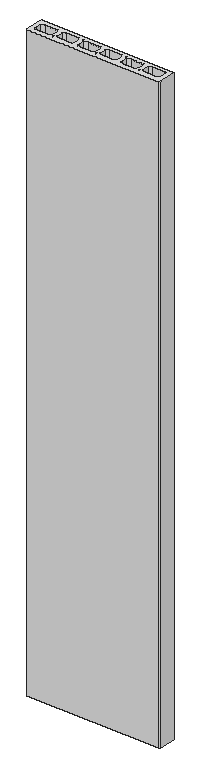
Revit family "ECP_MNFK-6245S5", category Generic Models, Revit 2022
Family settings
  Can host rebar = No
  Round Connector Dimension = Use Diameter
  Part Type = Normal
  Work Plane-Based = No
  Always vertical = Yes
  Cut with Voids When Loaded = Yes
  Maintain Annotation Orientation = No
  Shared = No
  Room Calculation Point = No
Parameters (values of type "ECP_MNFK-6245S5")
  長さ [instance] = 2000 mm
  穴表示 = yes
  材質 = 40Msr_ECP
  Default Elevation = 0 mm
  既存長さ = 460 mm
  幅 [instance] = 450 mm
  固定寸法 = 450 mm
  厚さ = 62 mm
  メースカット非表示 = yes
  メースカット [instance] = 既存長さ - 幅 - 10 mm  # 0 mm
  オースカット非表示 = no
  オースカット = 0 mm
Reference planes
  plane 1 "中心(正面/背面)": y = 0
  plane 2: z = 0
  plane 3 "中心(左/右)": x = 0
  plane 4: y = -31
  plane 5: y = 31
  plane 6: z = 2000
  plane 7: x = 450
Forms (mm)
  Extrusion 1, solid, material "40Msr_ECP" <- "材質", detail levels fine
    sketch origin (0, 0, 0) x (1, 0, 0) y (0, 1, 0)
      loop
        line (0, -28) -> (3, -31) -> (447, -31) -> (450, -28) -> (450, 28) -> (447, 31) -> (3, 31) -> (0, 28) -> (0, -28)
    from 0 to 2000
  Extrusion 2, void
    sketch origin (-50, 0, 0) x (1, 0, 0) y (0, 1, 0)
      loop
        line (500, -31) -> (510, -31) -> (510, 31) -> (500, 31) -> (500, -31)
    from 0 to 2000
  Extrusion 3, void
    sketch origin (-617, 0, 0) x (1, 0, 0) y (0, 1, 0)
      loop
        line (641, -17) -> (683, -17) -> (691, -9) -> (691, 9)
        arc (691, 9) -> (688.657, 14.657) -> (683, 17) r 8
        line (683, 17) -> (641, 17)
        arc (641, 17) -> (635.343, 14.657) -> (633, 9) r 8
        line (633, 9) -> (633, -9)
        arc (633, -9) -> (635.343, -14.657) -> (641, -17) r 8
      loop
        line (713, -17) -> (755, -17)
        arc (755, -17) -> (760.657, -14.657) -> (763, -9) r 8
        line (763, -9) -> (763, 9) -> (755, 17) -> (713, 17)
        arc (713, 17) -> (707.343, 14.657) -> (705, 9) r 8
        line (705, 9) -> (705, -9) -> (713, -17)
      loop
        line (785, -17) -> (827, -17) -> (835, -9) -> (835, 9)
        arc (835, 9) -> (832.657, 14.657) -> (827, 17) r 8
        line (827, 17) -> (785, 17) -> (777, 9) -> (777, -9)
        arc (777, -9) -> (779.343, -14.657) -> (785, -17) r 8
      loop
        line (857, -17) -> (899, -17)
        arc (899, -17) -> (904.657, -14.657) -> (907, -9) r 8
        line (907, -9) -> (907, 9) -> (899, 17) -> (857, 17)
        arc (857, 17) -> (851.343, 14.657) -> (849, 9) r 8
        line (849, 9) -> (849, -9) -> (857, -17)
      loop
        circle (698, -17) r 1.3
      loop
        circle (770, 17) r 1.3
      loop
        circle (842, -17) r 1.3
      loop
        circle (914, 17) r 1.3
      loop
        circle (986, -17) r 1.3
      loop
        line (929, 17) -> (921, 9) -> (921, -9)
        arc (921, -9) -> (923.343, -14.657) -> (929, -17) r 8
        line (929, -17) -> (971, -17) -> (979, -9) -> (979, 9)
        arc (979, 9) -> (976.657, 14.657) -> (971, 17) r 8
        line (971, 17) -> (929, 17)
      loop
        arc (1001, 17) -> (995.343, 14.657) -> (993, 9) r 8
        line (993, 9) -> (993, -9) -> (1001, -17) -> (1043, -17)
        arc (1043, -17) -> (1048.657, -14.657) -> (1051, -9) r 8
        line (1051, -9) -> (1051, 9)
        arc (1051, 9) -> (1048.657, 14.657) -> (1043, 17) r 8
        line (1043, 17) -> (1001, 17)
    from 0 to 2000
Cuts and joins
  Extrusion 2, Extrusion 3 cuts Extrusion 1
Lines and regions (mm)
  symbolic lines, style "ECPパネル", detail levels coarse+medium
    curve 1: line (0, 31, 0) -> (450, 31, 0)
    curve 2: line (0, -31, 0) -> (0, 31, 0)
    curve 3: line (450, -31, 0) -> (0, -31, 0)
    curve 4: line (450, 31, 0) -> (450, -31, 0)
    curve 5: line (0, 0, 0) -> (450, 0, 0)
    curve 6: line (0, 0, 2000) -> (0, 0, 0)
    curve 7: line (450, 0, 2000) -> (0, 0, 2000)
    curve 8: line (450, 0, 0) -> (450, 0, 2000)
    curve 9: line (0, -31, 2000) -> (0, 31, 2000)
    curve 10: line (0, -31, 0) -> (0, -31, 2000)
    curve 11: line (0, 31, 0) -> (0, -31, 0)
    curve 12: line (0, 31, 2000) -> (0, 31, 0)
  model lines, detail levels coarse+medium
    curve 13: line (0, 8, 0) -> (0, -8, 0)
Dimensions and locks
  "厚さ": plane 4 to plane 5
  "長さ": plane 6 to level
  equal spacing: plane 4, plane 1 "中心(正面/背面)", plane 5
  "既存長さ": plane 3 "中心(左/右)" to Extrusion 2
  "既存長さ": plane 3 "中心(左/右)" to Extrusion 2 sketch curve
  "長さ": cut or joined group of Extrusion 1, Extrusion 2, Extrusion 3 to level
  "長さ": Extrusion 2 to level
  "幅": cut or joined group of Extrusion 1, Extrusion 2, Extrusion 3 to curve 8
  "長さ": level to Extrusion 3
  "幅": plane 3 "中心(左/右)" to plane 7
  "メースカット": Extrusion 2 sketch curve to cut or joined group of Extrusion 1, Extrusion 2, Extrusion 3
  "固定寸法": plane 3 "中心(左/右)" to cut or joined group of Extrusion 1, Extrusion 2, Extrusion 3
  aligned and locked: level to plane 2
Automatic sketch dimensions
  curve 11 to level = 0 mm
  curve 11 to plane 4 = 0 mm
  curve 11 to plane 5 = 0 mm
  curve 10 to plane 6 = 0 mm
  curve 7 to plane 3 "中心(左/右)" = 0 mm
  curve 7 to plane 6 = 0 mm
  curve 8 to level = 0 mm
  Extrusion 1 sketch curve to plane 3 "中心(左/右)" = 0 mm
  plane 4 to Extrusion 1 sketch curve = 0 mm
  plane 3 "中心(左/右)" to Extrusion 1 sketch curve = 3 mm  (x2)
  Extrusion 1 sketch curve to plane 4 = 3 mm  (x2)
  plane 5 to Extrusion 1 sketch curve = 3 mm  (x2)
  plane 5 to Extrusion 1 sketch curve = 0 mm
  Extrusion 1 sketch curve to Extrusion 1 sketch curve = 444 mm
  Extrusion 1 sketch curve to Extrusion 1 sketch curve = 0 mm
  Extrusion 1 sketch curve to Extrusion 1 sketch curve = 3 mm
  plane 4 to Extrusion 2 sketch curve = 0 mm
  plane 5 to Extrusion 2 sketch curve = 0 mm
  Extrusion 3 sketch curve to plane 1 "中心(正面/背面)" = 9 mm  (x9)
  plane 3 "中心(左/右)" to Extrusion 3 sketch curve = 16 mm
  Extrusion 3 sketch curve to Extrusion 3 sketch curve = 8 mm  (x23)
  Extrusion 3 sketch curve to Extrusion 3 sketch curve = 42 mm  (x6)
  Extrusion 3 sketch curve to Extrusion 3 sketch curve = 7 mm  (x9)
  Extrusion 3 sketch curve to Extrusion 3 sketch curve = 14 mm
  plane 5 to Extrusion 3 sketch curve = 14 mm  (x2)
  Extrusion 3 sketch curve to Extrusion 3 sketch curve = 0 mm  (x4)
  Extrusion 3 sketch curve to plane 4 = 14 mm  (x6)
  plane 1 "中心(正面/背面)" to Extrusion 3 sketch curve = 9 mm  (x7)
  curve 1 to plane 3 "中心(左/右)" = 0 mm
  curve 13 to plane 3 "中心(左/右)" = 0 mm
  plane 4 to curve 4 = 0 mm
  curve 4 to plane 7 = 0 mm
  plane 5 to curve 1 = 0 mm
  plane 1 "中心(正面/背面)" to curve 13 = 8 mm
  curve 13 to plane 1 "中心(正面/背面)" = 8 mm
  radius of Extrusion 3 sketch curve = 1.3 mm  (x5)
